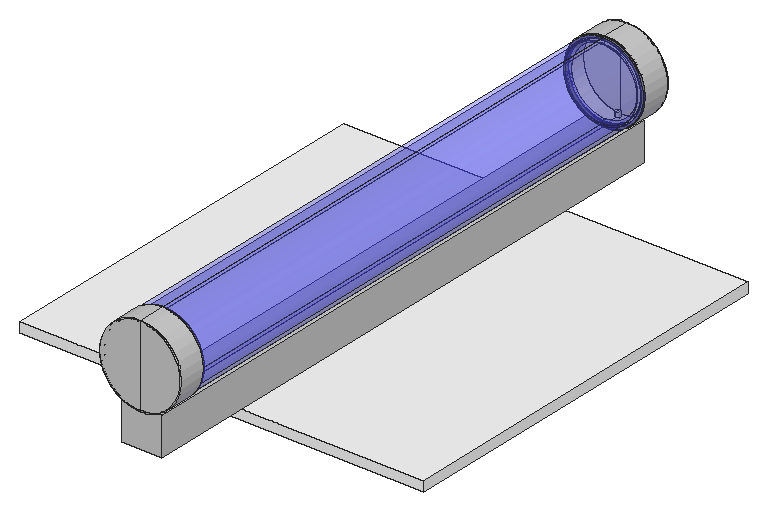
Revit family "BE_24591_de_DE", category Leuchten, Revit 2020
Family settings
  Basisbauteil = Fläche
  Bemaßung runder Anschluss = Durchmesser verwenden
  Teiletyp = Normal
  Beim Laden mit Abzugskörper schneiden = Ja
  Lichtquelle = Ja
  Gemeinsam genutzt = Nein
  Raumberechnungspunkt = Ja
Parameters (values of type "BEGA_24591_Silber_K4")
  built-in parameter 1150104 = 14.028 (stored number, unit not read)
  Wattage = 19.6 W
  Default Elevation = 0 mm
  built-in parameter 1150113 = 1 (stored number, unit not read)
  built-in parameter 1114218 = 1 (stored number, unit not read)
  Umgebungstemperatur = "25 °C"
  URL = "https://www.bega.com/de/produkt/24591"
  Typenkommentare = "© 2022 BEGA. Wir behalten uns das Recht vor, technische Änderungen ohne vorherige Ankündigung vorzunehmen."  # constant formula
  Type Image = 24591.png
  built-in parameter 1150134 = 12
  built-in parameter 1150109 = 1 (stored number, unit not read)
  Strom = ""
  built-in parameter 1150110 = 1 (stored number, unit not read)
  Spannung = 239.996 V
  Sonderanfertigung = no
  Seriennummer [instance] = "Hier können Sie die eindeutige Seriennummer für das Facility Management eintragen."
  Schutzklasse = "I"
  Schutzart = "IP 65"
  Scheinlast = 0 VA
  Produktdatenblatt = "https://cdn.bega.com/bega/products/24591K3/current/documents/data-sheets/de"
  Oberflächentemperatur = ""
  Neigungswinkel = 0.00°
  Modell = "24591AK4"
  Material_18 = BEGA_Gummi_schwarz
  Material_17 = BEGA_Reflektor
  Material_15 = BEGA_Leuchtmedium_matt
  Material_11 = BEGA_Glas_opal
  Material_09 = BEGA_Glas_klar
  Material_06 = BEGA_Oberfläche_Edelstahl_gebürstet
  Material_05 = BEGA_Oberfläche_Aluminium Guss
  Material_03 = BEGA_Oberfläche_Weiss_matt
  Material_02 = BEGA_Oberfläche_Silber_matt
  Material_01 [instance] = BEGA_Oberfläche_Grafit_matt
  M_W = no
  M_G = no
  M_A = yes
  Logo = 0
  built-in parameter 1114217 = 1 (stored number, unit not read)
  built-in parameter 1150139 = (empty or 0)
  built-in parameter 1150105 = 235.52 (stored number, unit not read)
  built-in parameter 1150114 = 1 (stored number, unit not read)
  Lumens = 2959.6 lm
  built-in parameter 1150115 = 1 (stored number, unit not read)
  Leuchtenlichtstrom = "2413 lm"
  Leuchtenanzahl = ""
  Lebensdauerkriterien = "L70B50 @ 25 °C = 145000 h"
  Lastklassifizierung = Beleuchtung
  built-in parameter 1150112 = 1 (stored number, unit not read)
  Lampenlichtstrom = "3730 lm"
  Lampe = "LED 19.2 W"
  LED_Modulbezeichnung = "2x LED-0626/840 + 2x LED-0627/840"
  built-in parameter 1150142 = (empty or 0)
  Hersteller = "BEGA"  # constant formula
  Halbstreuwinkel = ""
  Gewicht = "2.85 kg"
  Gebrauchslageneinschränkung [instance] = ""
  Frequenz = "0/50-60 Hz"
  Farbwiedergabeindex = "CRI > 80"
  Farbtemperaturverschiebung bei Dämpfen der Lampe = <Keine Auswahl>
  Farbtemperatur = "4000 K"
  Color Filter = 16777215
  built-in parameter 1150133 = 10 (stored number, unit not read)
  Energieeffizienzklasse = "LED A++ - A"
  built-in parameter 1150137 = (empty or 0)
  built-in parameter 1150132 = (empty or 0)
  ENEC = "ja"
  Dimmbar [instance] = "DALI"
  Datei für fotometrisches Netz = "BE_24591K4.IES"
  CE_Konformität = "ja"
  Bestellnummer = "24591AK4"
  Beschreibung_Sonderanfertigung = "Hier können Sie Informationen zur Sonderanfertigung eintragen."
  Beschreibung = "Wandleuchte"
  built-in parameter 1150106 = 2.3552 (stored number, unit not read)
  Befestigungsbohrung = "Ø 6 mm"
  Befestigungsabstand = "300 mm"
  Ballwurfsicher = ""
  BEGA_Intern_aus = yes
  BEGA_Intern_an = yes
  BEGA_Intern_Konstruktion = yes
  BEGA_Intern = yes
  BEGA_IES = yes
  BEGA_Dummy = no
  Anschlussleitung = ""
  Anschlussleistung [instance] = "22.6 W"
  Anschlusskasten = ""
  built-in parameter 1150107 = 4000 (stored number, unit not read)
  built-in parameter 1150102 = (empty or 0)
  built-in parameter 1150138 = (empty or 0)
  Aktualisierung = "2022-05-18T04:00:07"
  Abstand_zur_angestrahlten_Fläche [instance] = ""
  AC/DC = "AC/DC"
Types (4, lengths in mm): name | built-in parameter 1150134 | Modell | M_G | M_A | Leuchtenlichtstrom | Lampenlichtstrom | LED_Modulbezeichnung | Farbtemperatur | Datei für fotometrisches Netz | Bestellnummer | built-in parameter 1150107
  BEGA_24591_Silber_K4 | 12 | "24591AK4" | no | yes | "2413 lm" | "3730 lm" | "2x LED-0626/840 + 2x LED-0627/840" | "4000 K" | "BE_24591K4.IES" | "24591AK4" | 4000 (stored number, unit not read)
  BEGA_24591_Grafit_K4 | 12 | "24591K4" | yes | no | "2413 lm" | "3730 lm" | "2x LED-0626/840 + 2x LED-0627/840" | "4000 K" | "BE_24591K4.IES" | "24591K4" | 4000 (stored number, unit not read)
  BEGA_24591_Silber_K3 | (empty or 0) | "24591AK3" | no | yes | "2381 lm" | "3680 lm" | "2x LED-0626/830 + 2x LED-0627/830" | "3000 K" | "BE_24591K3.IES" | "24591AK3" | 3000 (stored number, unit not read)
  BEGA_24591_Grafit_K3 | (empty or 0) | "24591K3" | yes | no | "2381 lm" | "3680 lm" | "2x LED-0626/830 + 2x LED-0627/830" | "3000 K" | "BE_24591K3.IES" | "24591K3" | 3000 (stored number, unit not read)
Reference planes
  plane 1 "Mitte (Vorne/Hinten)": y = 0
  plane 2: z = 0
  plane 3 "Mitte (Links/Rechts)": x = 0
  plane 4 "Links": x = -40.25
  plane 5 "Rechts": x = 40.25
  plane 6 "Unten": y = -301
  plane 7 "Oben": y = 301
  plane 8 "Vorne": z = 115.513
  plane 9 "Hinten": z = 0
Forms (mm)
  Extrusion 1, solid, material "BEGA_Platte_Weiss"
    sketch origin (0, -1119.2, 0) x (1, 0, 0) y (0, 1, 0)
      loop
        line (-200, 1319.2) -> (-200, 919.2) -> (200, 919.2) -> (200, 1319.2) -> (-200, 1319.2)
    from 0 to -10
  Extrusion 2, solid, material "BEGA_Dummy_matt", visible <- "BEGA_Dummy"
    sketch origin (80.095, -76.023, 0) x (1, 0, 0) y (0, 1, 0)
      loop
        line (-120.345, 377.023) -> (-120.345, -224.977) -> (-39.845, -224.977) -> (-39.845, 377.023) -> (-120.345, 377.023)
    from 0 to 115.513
Dimensions and locks
  plane 1 "Mitte (Vorne/Hinten)" to Extrusion 1 = 200 mm
  aligned and locked: plane 2 to Extrusion 1
  aligned and locked: level to Extrusion 1
Nested families
  nested 1: "BE_24591" at (0, 0, 0) x (0, -1, 0) z (0, 0, 1), type "BE_24591"
Connectors
  electrical at (0, 0, 0), driven by "Lastklassifizierung", driven by "Spannung", driven by "Scheinlast"
    settings: index 1, voltage 239.996 V, apparent load 0 VA, apparent load phase1 0 VA, apparent load phase2 0 VA, apparent load phase3 0 VA, power factor 1, load classification "Beleuchtung", number of poles 1, system type 31, power factor state 1, is connector primary yes, connector utility no, sub classification motor no, connector description ""
Definition of nested family "BE_24591"
  Parameters (values of type "BE_24591")
    Default Elevation = 1 mm
    URL = "http://www.bega.de/de/produkt"
    Type Comments = "© 2015 BEGA. Wir behalten uns das Recht vor, technische Änderungen ohne vorherige Ankündigung vorzunehmen. "  # constant formula
    Type Image = (empty or 0)
    Neigungswinkel_um_Z2 = 0.00°
    Neigungswinkel_um_Z1 = 0.00°
    Neigungswinkel_um_Y2 = 0.00°
    Neigungswinkel_um_Y1 = 0.00°
    Neigungswinkel_um_X2 = 0.00°
    Neigungswinkel_um_X1 = 0.00°
    Material_18 = none
    Material_17 = none
    Material_15 = none
    Material_11 = none
    Material_09 = none
    Material_06 = none
    Material_05 = none
    Material_02 = none
    Material_01 = none
    M_W = yes
    M_G = yes
    M_A = yes
    Länge_Platte = 700 mm  # constant formula
    Höhe_Platte = -10 mm  # constant formula
    Manufacturer = "BEGA"  # constant formula
    Drehwinkel_um_Z2 = 0.00°
    Drehwinkel_um_Z1 = 0.00°
    Breite_Platte = 200 mm  # constant formula
  Reference planes
    plane 1 "Mitte (Oben/Unten)": y = 0
    plane 2: z = 0
    plane 3 "Mitte (Links/Rechts)": x = 0
    plane 4: z = 115.513
    plane 5: y = 40.25
    plane 6: y = -40.25
    plane 7: x = -301
    plane 8: x = 301
  Forms (mm)
    Extrusion 1, solid, detail levels medium
      sketch origin (0, 0, 0) x (1, 0, 0) y (0, 1, 0)
        loop
          line (-350, 100) -> (-350, -100) -> (350, -100) -> (350, 100) -> (-350, 100)
      from 0 to -10 <- "Höhe_Platte"
    Extrusion 2, solid, material <- "Material_01", visible <- "M_G", detail levels medium+fine
      sketch origin (0, 0, 0) x (0, 1, 0) y (0, 0, 1)
        loop
          line (20, 37.539) -> (18.186, 39.353)
          arc (18.186, 39.353) -> (0, 35.01) -> (-18.186, 39.353) r 40.25
          line (-18.186, 39.353) -> (-20, 37.539) -> (-20, 0) -> (-17.5, 0) -> (-17.5, 32) -> (17.5, 32) -> (17.5, 0) -> (20, 0) -> (20, 37.539)
      from -296 to 299
    Extrusion 3, void
      sketch origin (0, 0, 0) x (0, 1, 0) y (0, 0, 1)
        loop
          line (5, 25.9) -> (5, 31.6) -> (3, 31.6) -> (3, 40.21) -> (-3, 40.21) -> (-3, 31.6) -> (-5, 31.6) -> (-5, 25.9) -> (5, 25.9)
      from -297.224 to -286.2
    Extrusion 4, solid, material <- "Material_01", visible <- "M_G", detail levels medium+fine
      sketch origin (0, 0, 0) x (0, 1, 0) y (0, 0, 1)
        loop
          line (17.5, 0) -> (17.5, 32) -> (-17.5, 32) -> (-17.5, 0) -> (17.5, 0)
      from -296 to -293
    Extrusion 5, solid, material <- "Material_01", visible <- "M_G", detail levels medium+fine
      sketch origin (0, 0, 0) x (0, 1, 0) y (0, 0, -1)
        loop
          line (17.5, 0) -> (-17.5, 0) -> (-17.5, -32) -> (17.5, -32) -> (17.5, 0)
      from -299 to -296
    Revolve 6, solid, material <- "Material_01", visible <- "M_G", detail levels medium+fine
      sketch origin (0, 0, 0) x (1, 0, 0) y (0, 0, 1)
        loop
          line (300.5, 115.51) -> (273.8, 115.51) -> (275.099, 113.26) -> (297.002, 113.26)
          arc (297.002, 113.26) -> (297.824, 113.084) -> (298.5, 112.586) r 2
          line (298.5, 112.586) -> (298.5, 75.26) -> (301, 75.26) -> (301, 115.01)
          arc (301, 115.01) -> (300.854, 115.364) -> (300.5, 115.51) r 0.5
        axis (273.8, 75.26) -> (301, 75.26)
      angle from 0 to 360
    Revolve 7, solid, material <- "Material_18", detail levels medium+fine
      sketch origin (0, 0, 0) x (1, 0, 0) y (0, 0, 1)
        loop
          line (272.017, 114.96) -> (272.017, 113.043) -> (275.257, 113.043) -> (274.15, 114.96) -> (272.017, 114.96)
        axis (272.017, 75.26) -> (275.257, 75.26)
      angle from 0 to 360
    Revolve 8, solid, material <- "Material_18", detail levels medium+fine
      sketch origin (-0.044, 0, 0) x (-1, 0, 0) y (0, 0, -1)
        loop
          line (273.738, -114.96) -> (274.846, -113.043) -> (271.938, -113.043) -> (271.938, -114.96) -> (273.738, -114.96)
        axis (271.938, -75.26) -> (274.846, -75.26)
      angle from 0 to 360
    Revolve 9, solid, material <- "Material_01", visible <- "M_G", detail levels medium+fine
      sketch origin (0, 0, 0) x (-1, 0, 0) y (0, 0, -1)
        loop
          arc (300.5, -115.51) -> (300.854, -115.364) -> (301, -115.01) r 0.5
          line (301, -115.01) -> (301, -75.26) -> (293, -75.26) -> (293, -112.593) -> (275.099, -112.593) -> (273.8, -115.51) -> (300.5, -115.51)
        axis (273.8, -75.26) -> (301, -75.26)
      angle from 0 to 360
    Extrusion 10, void
      sketch origin (-46.158, 0, 0) x (1, 0, 0) y (0, 1, 0)
        loop
          arc (-154, -3) -> (-151, 0) -> (-154, 3) r 3
          line (-154, 3) -> (-163.39, 3)
          arc (-163.39, 3) -> (-173.5, 0) -> (-163.39, -3) r 5.5
          line (-163.39, -3) -> (-154, -3)
        loop
          arc (146, -3) -> (149, 0) -> (146, 3) r 3
          line (146, 3) -> (136.61, 3)
          arc (136.61, 3) -> (126.5, 0) -> (136.61, -3) r 5.5
          line (136.61, -3) -> (146, -3)
      from 0 to 6.51
    Extrusion 11, solid, material <- "Material_01", visible <- "M_G", detail levels medium+fine
      sketch origin (-45, 0, 0) x (1, 0, 0) y (0, 0, 1)
        loop
          line (-179, 3) -> (-179, 0) -> (-145, 0) -> (-145, 3) -> (-179, 3)
        loop
          line (121, 3) -> (121, 0) -> (155, 0) -> (155, 3) -> (121, 3)
      from -17.994 to 18.5
    Revolve 12, solid, material <- "Material_06", detail levels fine
      sketch origin (0, 0, 0) x (1, 0, 0) y (0, 0, 1)
        loop
          line (-291.25, 42.072) -> (-291.25, 32.322) -> (-292.75, 32.322)
          arc (-292.75, 32.322) -> (-293.104, 32.176) -> (-293.25, 31.822) r 0.5
          line (-293.25, 31.822) -> (-293.25, 29.322)
          arc (-293.25, 29.322) -> (-293.104, 28.969) -> (-292.75, 28.822) r 0.5
          line (-292.75, 28.822) -> (-289, 28.822) -> (-289, 42.072) -> (-291.25, 42.072)
        axis (-289, 28.822) -> (-289, 42.072)
      angle from 0 to 360
    Revolve 13, solid, material <- "Material_11", detail levels medium+fine
      sketch origin (0, 0, 0) x (1, 0, 0) y (0, 0, 1)
        loop
          line (272.017, 114.76) -> (-271.983, 114.76) -> (-271.983, 112.76)
          arc (-271.983, 112.76) -> (-272.452, 111.568) -> (-273.607, 111.015) r 1.75
          line (-273.607, 111.015) -> (-273.607, 108.012)
          arc (-273.607, 108.012) -> (-270.983, 108.887) -> (-269.291, 111.077) r 4.75
          arc (-269.291, 111.077) -> (-268.927, 111.571) -> (-268.342, 111.76) r 1
          line (-268.342, 111.76) -> (268.362, 111.76)
          arc (268.362, 111.76) -> (268.933, 111.581) -> (269.3, 111.108) r 1
          arc (269.3, 111.108) -> (270.99, 108.897) -> (273.628, 108.012) r 4.75
          line (273.628, 108.012) -> (273.628, 111.015)
          arc (273.628, 111.015) -> (272.549, 111.49) -> (272.017, 112.543) r 1.75
          line (272.017, 112.543) -> (272.017, 114.76)
        axis (-273.607, 75.26) -> (273.628, 75.26)
      angle from 0 to 360
    Revolve 14, void
      sketch origin (0, 0, 0) x (1, 0, 0) y (0, 0, 1)
        loop
          line (-302.036, 85.26) -> (-302.036, 75.26) -> (-298.018, 75.26) -> (-298.018, 85.26) -> (-302.036, 85.26)
        axis (-302.036, 75.26) -> (-298.018, 75.26)
      angle from 0 to 360
    Revolve 15, solid, material <- "Material_06", detail levels fine
      sketch origin (0, 0, 0) x (1, 0, 0) y (0, 0, 1)
        loop
          line (-301.25, 83.51) -> (-301.25, 75.26) -> (-298.018, 75.26) -> (-298.018, 84.51) -> (-300.25, 84.51) -> (-301.25, 83.51)
        axis (-298.018, 75.26) -> (-301.25, 75.26)
      angle from 0 to 360
    Extrusion 16, solid, material <- "Material_02", visible <- "M_A", detail levels medium+fine
      sketch origin (0, 0, 0) x (0, 1, 0) y (0, 0, 1)
        loop
          line (20, 37.539) -> (18.186, 39.353)
          arc (18.186, 39.353) -> (0, 35.01) -> (-18.186, 39.353) r 40.25
          line (-18.186, 39.353) -> (-20, 37.539) -> (-20, 0) -> (-17.5, 0) -> (-17.5, 32) -> (17.5, 32) -> (17.5, 0) -> (20, 0) -> (20, 37.539)
      from -296 to 299
    Extrusion 17, solid, material <- "Material_02", visible <- "M_A", detail levels medium+fine
      sketch origin (0, 0, 0) x (0, 1, 0) y (0, 0, 1)
        loop
          line (17.5, 0) -> (17.5, 32) -> (-17.5, 32) -> (-17.5, 0) -> (17.5, 0)
      from -296 to -293
    Extrusion 18, solid, material <- "Material_02", visible <- "M_A", detail levels medium+fine
      sketch origin (0, 0, 0) x (0, 1, 0) y (0, 0, -1)
        loop
          line (17.5, 0) -> (-17.5, 0) -> (-17.5, -32) -> (17.5, -32) -> (17.5, 0)
      from -299 to -296
    Revolve 19, solid, material <- "Material_02", visible <- "M_A", detail levels medium+fine
      sketch origin (0, 0, 0) x (1, 0, 0) y (0, 0, 1)
        loop
          line (300.5, 115.51) -> (273.8, 115.51) -> (275.099, 113.26) -> (297.002, 113.26)
          arc (297.002, 113.26) -> (297.824, 113.084) -> (298.5, 112.586) r 2
          line (298.5, 112.586) -> (298.5, 75.26) -> (301, 75.26) -> (301, 115.01)
          arc (301, 115.01) -> (300.854, 115.364) -> (300.5, 115.51) r 0.5
        axis (273.8, 75.26) -> (301, 75.26)
      angle from 0 to 360
    Revolve 20, solid, material <- "Material_02", visible <- "M_A", detail levels medium+fine
      sketch origin (0, 0, 0) x (-1, 0, 0) y (0, 0, -1)
        loop
          arc (300.5, -115.51) -> (300.854, -115.364) -> (301, -115.01) r 0.5
          line (301, -115.01) -> (301, -75.26) -> (293, -75.26) -> (293, -112.593) -> (275.099, -112.593) -> (273.8, -115.51) -> (300.5, -115.51)
        axis (273.8, -75.26) -> (301, -75.26)
      angle from 0 to 360
    Extrusion 21, solid, material <- "Material_02", visible <- "M_A", detail levels medium+fine
      sketch origin (25, 0, 0) x (1, 0, 0) y (0, 0, 1)
        loop
          line (-249, 3) -> (-249, 0) -> (-215, 0) -> (-215, 3) -> (-249, 3)
        loop
          line (51, 3) -> (51, 0) -> (85, 0) -> (85, 3) -> (51, 3)
      from -17.994 to 18.5
  Cuts and joins
    Extrusion 3, Extrusion 10 cuts Extrusion 2
    Extrusion 3, Extrusion 10 cuts Extrusion 4
    Extrusion 10 cuts Extrusion 5
    Extrusion 10 cuts Extrusion 11
    joined: Extrusion 2, Extrusion 4, Extrusion 5, Extrusion 11
    Revolve 14 cuts Revolve 9
    Revolve 14 cuts Revolve 20
    Extrusion 3 cuts Extrusion 16
    Extrusion 3 cuts Extrusion 17
    Extrusion 3 cuts Extrusion 18
    Extrusion 3, Extrusion 10 cuts Extrusion 21
    joined: Extrusion 16, Extrusion 17, Extrusion 18, Extrusion 21
  Dimensions and locks
    equal spacing: Extrusion 1 sketch curve, plane 3 "Mitte (Links/Rechts)", Extrusion 1 sketch curve
    equal spacing: Extrusion 1 sketch curve, plane 1 "Mitte (Oben/Unten)", Extrusion 1 sketch curve
    "Länge_Platte": Extrusion 1 sketch curve to Extrusion 1 sketch curve
    "Breite_Platte": Extrusion 1 sketch curve to Extrusion 1 sketch curve
    aligned and locked: Extrusion 1 to plane 2
    aligned and locked: level to Extrusion 1
  Automatic sketch dimensions
    Extrusion 2 sketch curve to level = 0 mm  (x2)
    Extrusion 2 sketch curve to plane 1 "Mitte (Oben/Unten)" = 0 mm
    plane 1 "Mitte (Oben/Unten)" to Extrusion 2 sketch curve = 17.5 mm
    Extrusion 2 sketch curve to Extrusion 2 sketch curve = 0.686 mm  (x2)
    Extrusion 2 sketch curve to Extrusion 2 sketch curve = 1.814 mm  (x2)
    Extrusion 2 sketch curve to plane 1 "Mitte (Oben/Unten)" = 17.5 mm
    Extrusion 2 sketch curve to Extrusion 2 sketch curve = 2.5 mm
    Extrusion 2 sketch curve to Extrusion 2 sketch curve = 32 mm
    Extrusion 2 sketch curve to Extrusion 2 sketch curve = 5.539 mm  (x2)
    Extrusion 2 sketch curve to Extrusion 2 sketch curve = 35.907 mm
    plane 1 "Mitte (Oben/Unten)" to Extrusion 3 sketch curve = 5 mm
    Extrusion 3 sketch curve to Extrusion 3 sketch curve = 2 mm  (x2)
    Extrusion 3 sketch curve to plane 1 "Mitte (Oben/Unten)" = 3 mm
    level to Extrusion 3 sketch curve = 25.9 mm
    Extrusion 3 sketch curve to Extrusion 3 sketch curve = 5.7 mm
    Extrusion 3 sketch curve to Extrusion 3 sketch curve = 0 mm
    Extrusion 3 sketch curve to Extrusion 3 sketch curve = 8.61 mm
    Extrusion 4 sketch curve to level = 0 mm
    plane 1 "Mitte (Oben/Unten)" to Extrusion 4 sketch curve = 17.5 mm
    Extrusion 4 sketch curve to plane 1 "Mitte (Oben/Unten)" = 17.5 mm
    Extrusion 4 sketch curve to Extrusion 4 sketch curve = 32 mm
    Extrusion 5 sketch curve to level = 0 mm
    plane 1 "Mitte (Oben/Unten)" to Extrusion 5 sketch curve = 17.5 mm
    Extrusion 5 sketch curve to plane 1 "Mitte (Oben/Unten)" = 17.5 mm
    level to Extrusion 5 sketch curve = 32 mm
    Revolve 6 sketch curve to Revolve 6 sketch curve = 1.299 mm
    Revolve 6 sketch curve to Revolve 6 sketch curve = 21.903 mm
    Revolve 6 sketch curve to Revolve 6 sketch curve = 1.498 mm
    Revolve 6 sketch curve to Revolve 6 sketch curve = 2 mm
    Revolve 6 sketch curve to Revolve 6 sketch curve = 2.5 mm
    level to Revolve 6 sketch curve = 75.26 mm
    Revolve 6 sketch curve to Revolve 6 sketch curve = 36 mm
    Revolve 6 sketch curve to Revolve 6 sketch curve = 1.326 mm
    Revolve 6 sketch curve to Revolve 6 sketch curve = 2.424 mm
    Revolve 6 sketch curve to Revolve 6 sketch curve = 0 mm  (x3)
    Extrusion 11 sketch curve to level = 0 mm  (x2)
    Extrusion 11 sketch curve to Extrusion 11 sketch curve = 34 mm  (x2)
    level to Extrusion 11 sketch curve = 3 mm  (x2)
    plane 3 "Mitte (Links/Rechts)" to Extrusion 11 sketch curve = 76 mm
    Revolve 12 sketch curve to Revolve 12 sketch curve = 0.5 mm  (x2)
    Revolve 12 sketch curve to Revolve 12 sketch curve = 1.5 mm
    Revolve 12 sketch curve to Revolve 12 sketch curve = 2.25 mm
    level to Revolve 12 sketch curve = 28.822 mm
    Revolve 12 sketch curve to Revolve 12 sketch curve = 2.5 mm
    Revolve 12 sketch curve to Revolve 12 sketch curve = 9.75 mm
    Revolve 12 sketch curve to Revolve 12 sketch curve = 0 mm  (x3)
    Revolve 13 sketch curve to Revolve 13 sketch curve = 0 mm  (x8)
    Revolve 13 sketch curve to Revolve 13 sketch curve = 0.125 mm  (x2)
    Revolve 13 sketch curve to Revolve 13 sketch curve = 1.75 mm
    Revolve 13 sketch curve to Revolve 13 sketch curve = 3.64 mm
    Revolve 13 sketch curve to Revolve 13 sketch curve = 3.655 mm
    Revolve 13 sketch curve to Revolve 13 sketch curve = 1.611 mm
    Revolve 13 sketch curve to Revolve 13 sketch curve = 2.748 mm  (x2)
    Revolve 13 sketch curve to Revolve 13 sketch curve = 3.003 mm  (x2)
    Revolve 13 sketch curve to Revolve 13 sketch curve = 1 mm
    Revolve 13 sketch curve to Revolve 13 sketch curve = 1.528 mm
    Revolve 13 sketch curve to Revolve 13 sketch curve = 1.746 mm
    Revolve 13 sketch curve to Revolve 13 sketch curve = 2 mm
    Revolve 13 sketch curve to Revolve 13 sketch curve = 0.938 mm
    Revolve 13 sketch curve to Revolve 13 sketch curve = 22.628 mm
    Revolve 13 sketch curve to Revolve 13 sketch curve = 16.142 mm
    Revolve 13 sketch curve to Revolve 13 sketch curve = 32.752 mm
    Revolve 14 sketch curve to Revolve 14 sketch curve = 4.018 mm
    level to Revolve 14 sketch curve = 75.26 mm
    Revolve 14 sketch curve to Revolve 14 sketch curve = 10 mm
    Revolve 14 sketch curve to Revolve 14 sketch curve = 50.039 mm
    Revolve 14 sketch curve to Revolve 14 sketch curve = 49.768 mm
    Revolve 14 sketch curve to Revolve 14 sketch curve = 0 mm
    Revolve 9 sketch curve to Revolve 9 sketch curve = 1.299 mm
    Revolve 9 sketch curve to Revolve 9 sketch curve = 17.901 mm
    Revolve 9 sketch curve to Revolve 9 sketch curve = 8 mm
    Revolve 9 sketch curve to Revolve 9 sketch curve = 2.917 mm
    Revolve 9 sketch curve to Revolve 9 sketch curve = 2.5 mm
    Revolve 9 sketch curve to Revolve 9 sketch curve = 0 mm  (x2)
    Revolve 9 sketch curve to Revolve 9 sketch curve = 0.5 mm
    Revolve 9 sketch curve to Revolve 9 sketch curve = 37.333 mm
    Revolve 9 sketch curve to plane 3 "Mitte (Links/Rechts)" = 273.8 mm
    Extrusion 11 sketch curve to plane 3 "Mitte (Links/Rechts)" = 190 mm
    Revolve 12 sketch curve to plane 3 "Mitte (Links/Rechts)" = 293.25 mm
    Revolve 13 sketch curve to plane 3 "Mitte (Links/Rechts)" = 268.342 mm
    Revolve 14 sketch curve to plane 3 "Mitte (Links/Rechts)" = 302.036 mm
    plane 3 "Mitte (Links/Rechts)" to Revolve 6 sketch curve = 273.8 mm
    plane 3 "Mitte (Links/Rechts)" to Revolve 13 sketch curve = 268.362 mm
    Revolve 9 sketch curve to plane 4 = 0.003 mm
    Revolve 13 sketch curve to plane 4 = 7.501 mm
    Revolve 13 sketch curve to Revolve 13 sketch curve = 3.748 mm
    Extrusion 16 sketch curve to level = 0 mm  (x2)
    Extrusion 16 sketch curve to plane 1 "Mitte (Oben/Unten)" = 0 mm
    plane 1 "Mitte (Oben/Unten)" to Extrusion 16 sketch curve = 17.5 mm
    Extrusion 16 sketch curve to Extrusion 16 sketch curve = 0.686 mm  (x2)
    Extrusion 16 sketch curve to Extrusion 16 sketch curve = 1.814 mm  (x2)
    Extrusion 16 sketch curve to plane 1 "Mitte (Oben/Unten)" = 17.5 mm
    Extrusion 16 sketch curve to Extrusion 16 sketch curve = 2.5 mm
    Extrusion 16 sketch curve to Extrusion 16 sketch curve = 32 mm
    Extrusion 16 sketch curve to Extrusion 16 sketch curve = 5.539 mm  (x2)
    Extrusion 16 sketch curve to Extrusion 16 sketch curve = 35.907 mm
    Extrusion 17 sketch curve to level = 0 mm
    plane 1 "Mitte (Oben/Unten)" to Extrusion 17 sketch curve = 17.5 mm
    Extrusion 17 sketch curve to plane 1 "Mitte (Oben/Unten)" = 17.5 mm
    Extrusion 17 sketch curve to Extrusion 17 sketch curve = 32 mm
    Extrusion 18 sketch curve to level = 0 mm
    plane 1 "Mitte (Oben/Unten)" to Extrusion 18 sketch curve = 17.5 mm
    Extrusion 18 sketch curve to plane 1 "Mitte (Oben/Unten)" = 17.5 mm
    level to Extrusion 18 sketch curve = 32 mm
    Revolve 19 sketch curve to plane 4 = 0.003 mm
    Revolve 19 sketch curve to Revolve 19 sketch curve = 1.498 mm
    Revolve 19 sketch curve to plane 4 = 2.253 mm
    Revolve 19 sketch curve to Revolve 19 sketch curve = 21.903 mm
    Revolve 19 sketch curve to Revolve 19 sketch curve = 1.299 mm
    Revolve 19 sketch curve to Revolve 19 sketch curve = 0.674 mm
    Revolve 19 sketch curve to Revolve 19 sketch curve = 36 mm
    Revolve 19 sketch curve to Revolve 19 sketch curve = 0 mm  (x3)
    Revolve 20 sketch curve to plane 4 = 0.003 mm
    Revolve 20 sketch curve to plane 4 = 2.92 mm
    Revolve 20 sketch curve to Revolve 20 sketch curve = 17.901 mm
    Revolve 20 sketch curve to Revolve 20 sketch curve = 1.299 mm
    Revolve 20 sketch curve to Revolve 20 sketch curve = 37.333 mm
    Revolve 20 sketch curve to Revolve 20 sketch curve = 0 mm  (x2)
    Extrusion 21 sketch curve to level = 0 mm  (x2)
    Extrusion 21 sketch curve to Extrusion 21 sketch curve = 34 mm  (x2)
    level to Extrusion 21 sketch curve = 3 mm
    plane 3 "Mitte (Links/Rechts)" to Extrusion 21 sketch curve = 76 mm
    Extrusion 21 sketch curve to Extrusion 21 sketch curve = 3 mm
    Revolve 8 sketch curve to plane 4 = 2.47 mm
    Revolve 8 sketch curve to plane 4 = 0.553 mm
    Revolve 8 sketch curve to Revolve 8 sketch curve = 1.8 mm
    Revolve 8 sketch curve to Revolve 8 sketch curve = 1.107 mm
    Revolve 8 sketch curve to Revolve 8 sketch curve = 37.783 mm
    Revolve 15 sketch curve to plane 4 = 40.253 mm
    Revolve 15 sketch curve to Revolve 15 sketch curve = 8.25 mm
    Revolve 15 sketch curve to Revolve 15 sketch curve = 0 mm  (x2)
    Revolve 15 sketch curve to Revolve 15 sketch curve = 0.232 mm
    Revolve 15 sketch curve to Revolve 15 sketch curve = 1 mm  (x2)
    Revolve 15 sketch curve to Revolve 15 sketch curve = 2.232 mm
    Revolve 7 sketch curve to plane 4 = 0.553 mm
    Revolve 7 sketch curve to plane 4 = 40.253 mm
    Revolve 7 sketch curve to Revolve 7 sketch curve = 2.133 mm
    Revolve 7 sketch curve to Revolve 7 sketch curve = 1.107 mm
    Revolve 7 sketch curve to Revolve 7 sketch curve = 1.918 mm
    plane 1 "Mitte (Oben/Unten)" to Extrusion 10 sketch curve = 0 mm  (x4)
    Extrusion 10 sketch curve to Extrusion 10 sketch curve = 4.61 mm  (x2)
    plane 1 "Mitte (Oben/Unten)" to Extrusion 10 sketch curve = 3 mm  (x2)
    Extrusion 10 sketch curve to Extrusion 10 sketch curve = 9.39 mm  (x2)
    plane 3 "Mitte (Links/Rechts)" to Extrusion 10 sketch curve = 85.842 mm
    Revolve 8 sketch curve to plane 3 "Mitte (Links/Rechts)" = 271.983 mm
    Revolve 8 sketch curve to Revolve 8 sketch curve = 12.314 mm
    Revolve 8 sketch curve to Revolve 8 sketch curve = 8.624 mm
    Extrusion 10 sketch curve to plane 3 "Mitte (Links/Rechts)" = 200.158 mm
    Revolve 15 sketch curve to plane 3 "Mitte (Links/Rechts)" = 301.25 mm
    Revolve 20 sketch curve to plane 3 "Mitte (Links/Rechts)" = 273.8 mm
    Revolve 20 sketch curve to plane 4 = 0.503 mm
    Revolve 20 sketch curve to Revolve 20 sketch curve = 7.5 mm
    Revolve 20 sketch curve to Revolve 20 sketch curve = 2.5 mm
    Extrusion 21 sketch curve to plane 3 "Mitte (Links/Rechts)" = 190 mm
    plane 3 "Mitte (Links/Rechts)" to Revolve 7 sketch curve = 272.017 mm
    Revolve 7 sketch curve to Revolve 7 sketch curve = 12.393 mm
    Revolve 7 sketch curve to Revolve 7 sketch curve = 8.624 mm
    plane 3 "Mitte (Links/Rechts)" to Revolve 19 sketch curve = 273.8 mm
    Revolve 19 sketch curve to plane 4 = 0.503 mm
    Revolve 19 sketch curve to Revolve 19 sketch curve = 2 mm
